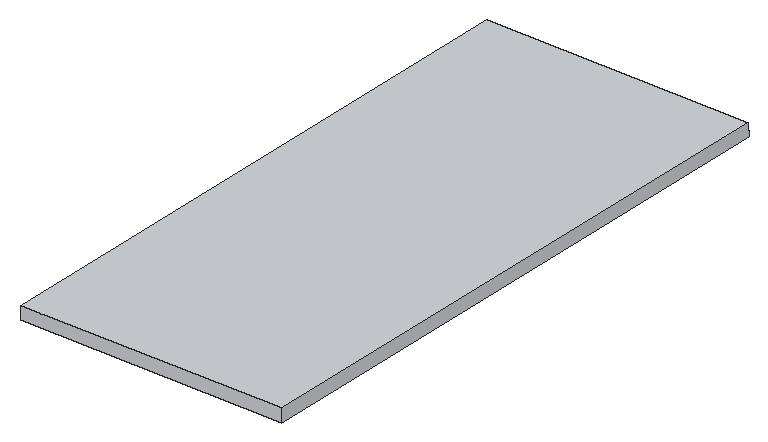
Revit family "060523 - W_P_C - Fastenings - Concealed Joist Ties", category Generic Models, Revit 2018
Family settings
  Can host rebar = No
  Round Connector Dimension = Use Diameter
  Part Type = Normal
  Work Plane-Based = Yes
  Always vertical = Yes
  Cut with Voids When Loaded = No
  Shared = No
  Room Calculation Point = No
Parameters
  OFFSET FROM SURFACE = 0' - 3"
  H2 = 0' - 4 7/16"
  H1 = 0' - 5 9/16"
  GAUGE = 0' - 0 1/8"
  Default Elevation = 4' - 0"
Reference planes (in)
  plane 1 "Center (Front/Back)": y = 0
  plane 2: z = 0
  plane 3 "Center (Left/Right)": x = 0
  plane 4: x = -1.25
  plane 5: x = 1.25
  plane 6: y = 2.78125
  plane 7: y = -2.78125
  plane 8: x = -0.0625
  plane 9: x = 0.0625
  plane 10: y = 2.21875
  plane 11: y = -2.21875
  plane 12: z = 0.125
  plane 13: y = 0.0625
  plane 14: y = -0.0625
Forms (in)
  Extrusion 1, solid
    sketch origin (0, 0, 0) x (1, 0, 0) y (0, 1, 0)
      loop
        line (-1.25, 2.78125) -> (-1.25, -2.78125) -> (1.25, -2.78125) -> (1.25, 2.78125) -> (-1.25, 2.78125)
    from 0 to 0.125
Dimensions and locks (in)
  equal spacing: plane 4, plane 3 "Center (Left/Right)", plane 5
  plane 4 to plane 5 = 0' - 2 1/2"
  plane 3 "Center (Left/Right)" to plane 5 = 0' - 1 1/4"
  equal spacing: plane 7, plane 1 "Center (Front/Back)", plane 6
  "H1": plane 6 to plane 7
  equal spacing: plane 8, plane 3 "Center (Left/Right)", plane 9
  "GAUGE": plane 8 to plane 9
  equal spacing: plane 10, plane 1 "Center (Front/Back)", plane 11
  "H2": plane 10 to plane 11
  "GAUGE": plane 12 to level
  equal spacing: plane 13, plane 1 "Center (Front/Back)", plane 14
  "GAUGE": plane 13 to plane 14
  aligned and locked: plane 2 to level
  aligned and locked: Extrusion 1 sketch curve to plane 6
  aligned and locked: Extrusion 1 sketch curve to plane 5
  aligned and locked: Extrusion 1 sketch curve to plane 4
  aligned and locked: plane 12 to Extrusion 1
Automatic sketch dimensions
  Extrusion 1 sketch curve to plane 7 = 0' - 0"
